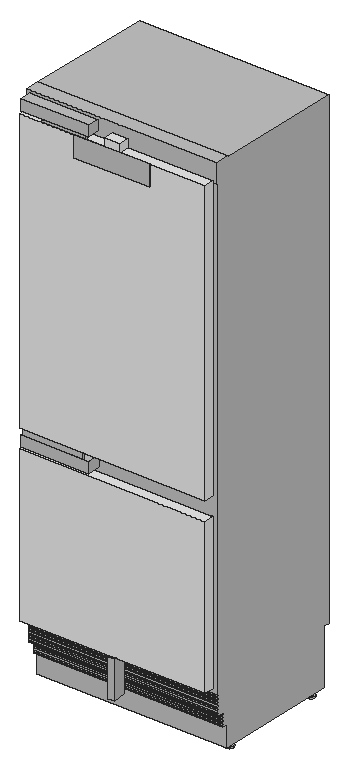
Revit family "FP-Revit20-en-RS3084WLUE1-FridgeFreezer-0-CA-US-90001082A", category Specialty Equipment, Revit 2020 (continued)
Definition of nested family "Handle Professional Square - Horizontal"
  Lines and regions (mm)
    sketch lines
      curve 11: arc (-293, -40, -17.5) -> (-290.071, -47.071, -17.5) -> (-283, -50, -17.5) r 10
      curve 12: line (-243, -50, -17.5) -> (-283, -50, -17.5)
  Dimensions and locks
    equal spacing: plane 4 "Product LHS", plane 3 "Center (Left/Right)", plane 5 "Product RHS"
    "Handle - Length": plane 4 "Product LHS" to plane 5 "Product RHS"
    plane 4 "Product LHS" to plane 6 "LHS Standoff" = 50 mm
    plane 7 "RHS Standoff" to plane 5 "Product RHS" = 50 mm
    aligned and locked: level to plane 2
    aligned and locked: plane 5 "Product RHS" to Extrusion 1 sketch curve
    aligned and locked: Extrusion 1 sketch curve to plane 1 "Center (Front/Back)"
    aligned and locked: plane 1 "Center (Front/Back)" to Extrusion 1 sketch curve
    aligned and locked: Extrusion 1 sketch curve to plane 6 "LHS Standoff"
    aligned and locked: Extrusion 1 sketch curve to plane 7 "RHS Standoff"
    aligned and locked: plane 7 "RHS Standoff" to Extrusion 2
    aligned and locked: Extrusion 2 to plane 6 "LHS Standoff"
    aligned and locked: plane 5 "Product RHS" to Extrusion 7 sketch curve
    aligned and locked: Extrusion 7 sketch curve to plane 7 "RHS Standoff"
    aligned and locked: plane 6 "LHS Standoff" to Extrusion 7 sketch curve
    aligned and locked: plane 4 "Product LHS" to Extrusion 7 sketch curve
    aligned and locked: Extrusion 7 sketch curve to plane 1 "Center (Front/Back)"
    aligned and locked: plane 1 "Center (Front/Back)" to Extrusion 7 sketch curve
  Automatic sketch dimensions
    Extrusion 1 sketch curve to plane 4 "Product LHS" = 0 mm
    Extrusion 1 sketch curve to plane 4 "Product LHS" = 10 mm
    plane 5 "Product RHS" to Extrusion 1 sketch curve = 10 mm
    Extrusion 1 sketch curve to Extrusion 1 sketch curve = 40 mm  (x2)
    level to Extrusion 2 sketch curve = 0 mm
    plane 1 "Center (Front/Back)" to Extrusion 2 sketch curve = 61.313 mm
    Extrusion 2 sketch curve to Extrusion 2 sketch curve = 13.513 mm
    Extrusion 2 sketch curve to Extrusion 2 sketch curve = 1.328 mm  (x4)
    Extrusion 2 sketch curve to Extrusion 2 sketch curve = 9.684 mm  (x2)
    Extrusion 2 sketch curve to Extrusion 2 sketch curve = 14.172 mm
    Sweep 3 sketch curve to profile plane = 0 mm  (x2)
    Sweep 3 sketch curve to profile plane = 2.5 mm  (x2)
    Sweep 4 sketch curve to profile plane = 0 mm  (x2)
    Sweep 4 sketch curve to profile plane = 2.5 mm  (x2)
    profile plane to Sweep 5 sketch curve = 0 mm
    Sweep 5 sketch curve to profile plane = 0 mm
    Sweep 5 sketch curve to profile plane = 2.5 mm  (x2)
    profile plane to Sweep 6 sketch curve = 0 mm
    Sweep 6 sketch curve to profile plane = 0 mm
    Sweep 6 sketch curve to profile plane = 2.5 mm  (x2)
    Extrusion 7 sketch curve to plane 4 "Product LHS" = 10 mm
    plane 5 "Product RHS" to Extrusion 7 sketch curve = 10 mm
    plane 1 "Center (Front/Back)" to Extrusion 7 sketch curve = 32 mm
    plane 1 "Center (Front/Back)" to Extrusion 7 sketch curve = 40 mm
Definition of nested family "Visibility Control Note 18"
  Types (3): name
    New
    Resolved
    Active
  Reference planes
    plane 1: y = 0
    plane 2: x = 0
  Text (mm)
    text "Edit Type: \nTo control handle kit \nand door panel visibility\n options\n\nDelete unwanted kits \nto reduce file size" at (-0.165, 35.556, 0)
Types (3, lengths in mm): name | Model | Description
  (no name) | "RS3084WLUE1" | "30\" Integrated Column Freezer with internal Ice & Water, White Interior"
  RS3084WLUE1 | "RS3084WLUE1" | "30\" Integrated Column Freezer with internal Ice & Water, White Interior"
  RS3084WLUK1 | "RS3084WLUK1" | "30\" Integrated Column Freezer with internal Ice & Water, SS Interior"
